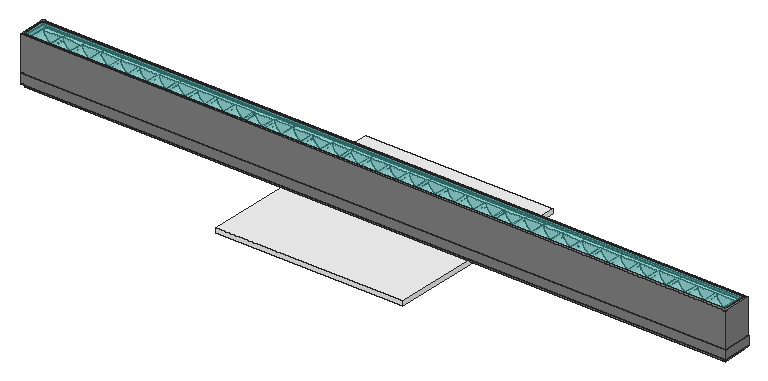
Revit family "BE_24317_de_DE", category Leuchten, Revit 2015
Parameters (values of type "BEGA_24317_Grafit_K4")
  built-in parameter 1150104 = 16.602 (stored number, unit not read)
  Wattage = 48 W
  Default Elevation = 0 mm
  built-in parameter 1150113 = 1 (stored number, unit not read)
  built-in parameter 1114218 = 1 (stored number, unit not read)
  Umgebungstemperatur = "25 °C"
  URL = "http://www.bega.de/produkt/24317"
  Typenkommentare = "© 2017 BEGA. Wir behalten uns das Recht vor, technische Änderungen ohne vorherige Ankündigung vorzunehmen."  # constant formula
  Type Image = 24317.png
  built-in parameter 1150134 = 12
  built-in parameter 1150109 = 1 (stored number, unit not read)
  Strom = ""
  built-in parameter 1150110 = 1 (stored number, unit not read)
  Spannung = 239.996 V
  Sonderanfertigung = no
  Seriennummer [instance] = "Hier können Sie die eindeutige Seriennummer für das Facility Management eintragen."
  Schutzklasse = "I"
  Schutzart = "IP 65"
  Scheinlast = 0 VA
  Produktdatenblatt = "http://www.bega.de/download/Xrfa/db/24317.db.de.pdf"
  Oberflächentemperatur = ""
  Neigungswinkel = 0.00°
  Modell = "24317K4"
  Material_17 = BEGA_Reflektor
  Material_15 = BEGA_Leuchtmedium_matt
  Material_11 = BEGA_Glas_opal
  Material_09 = BEGA_Glas_klar
  Material_06 = BEGA_Oberfläche_Edelstahl_gebürstet
  Material_05 = BEGA_Oberfläche_Aluminium Guss
  Material_03 = BEGA_Oberfläche_Weiss_matt
  Material_02 = BEGA_Oberfläche_Silber_matt
  Material_01 [instance] = BEGA_Oberfläche_Grafit_matt
  M_W = no
  M_G = yes
  M_A = no
  Logo = 0
  built-in parameter 1114217 = 1 (stored number, unit not read)
  built-in parameter 1150139 = (empty or 0)
  built-in parameter 1150105 = 682.58 (stored number, unit not read)
  built-in parameter 1150114 = 1 (stored number, unit not read)
  Lumens = 8577.6 lm
  built-in parameter 1150115 = 1 (stored number, unit not read)
  Leuchtenlichtstrom = "6253 lm"
  Leuchtenanzahl = ""
  Lebensdauerkriterien = "L70B50 @ 25 °C = 338000 h"
  Lastklassifizierung = Beleuchtung
  built-in parameter 1150112 = 1 (stored number, unit not read)
  Lampenlichtstrom = "8580 lm"
  Lampe = "LED 48 W"
  LED_Modulbezeichnung = "LED-0771/840"
  built-in parameter 1150142 = (empty or 0)
  Hersteller = "BEGA"  # constant formula
  Halbstreuwinkel = ""
  Gewicht = ""
  Gebrauchslageneinschränkung [instance] = ""
  Frequenz = "0/50-60 Hz"
  Farbwiedergabeindex = "Ra > 80"
  Farbtemperaturverschiebung bei Dämpfen der Lampe = <Keine Auswahl>
  Farbtemperatur = "4000 K"
  Color Filter = 16777215
  built-in parameter 1150133 = 10 (stored number, unit not read)
  Energieeffizienzklasse = "LED A++ - A"
  built-in parameter 1150137 = (empty or 0)
  built-in parameter 1150132 = (empty or 0)
  ENEC = ""
  Dimmbar [instance] = "DALI"
  Datei für fotometrisches Netz = "BE_24317K4.IES"
  CE_Konformität = "ja"
  Bestellnummer = "24317K4"
  Beschreibung_Sonderanfertigung = "Hier können Sie Informationen zur Sonderanfertigung eintragen."
  Beschreibung = "Deckenaufbau-Tiefstrahler"
  built-in parameter 1150106 = 6.8258 (stored number, unit not read)
  Befestigungsbohrung = "Ø 7 mm"
  Befestigungsabstand = "1100 mm"
  Ballwurfsicher = ""
  BEGA_Intern_aus = yes
  BEGA_Intern_an = yes
  BEGA_Intern_Konstruktion = yes
  BEGA_Intern = yes
  BEGA_IES = yes
  BEGA_Dummy = no
  Anschlussleitung = ""
  Anschlussleistung [instance] = "55 W"
  Anschlusskasten = ""
  built-in parameter 1150107 = 4000 (stored number, unit not read)
  built-in parameter 1150102 = (empty or 0)
  built-in parameter 1150138 = (empty or 0)
  Aktualisierung = "2017-06-26T04:08:37"
  Abstand_zur_angestrahlten_Fläche [instance] = ""
  AC/DC = "AC/DC"
Types (2, lengths in mm): name | built-in parameter 1150104 | built-in parameter 1150134 | Modell | built-in parameter 1150105 | Lumens | Leuchtenlichtstrom | Lampenlichtstrom | LED_Modulbezeichnung | Farbtemperatur | Datei für fotometrisches Netz | Bestellnummer | built-in parameter 1150106 | built-in parameter 1150107
  BEGA_24317_Grafit_K4 | 16.602 (stored number, unit not read) | 12 | "24317K4" | 682.58 (stored number, unit not read) | 8577.6 lm | "6253 lm" | "8580 lm" | "LED-0771/840" | "4000 K" | "BE_24317K4.IES" | "24317K4" | 6.8258 (stored number, unit not read) | 4000 (stored number, unit not read)
  BEGA_24317_Grafit_K3 | 16.202 (stored number, unit not read) | (empty or 0) | "24317" | 666.16 (stored number, unit not read) | 8371.2 lm | "6100 lm" | "8370 lm" | "LED-0771/830" | "3000 K" | "BE_24317.IES" | "24317" | 6.6616 (stored number, unit not read) | 3000 (stored number, unit not read)
Reference planes
  plane 1 "Mitte (Vorne/Hinten)": y = 0
  plane 2: z = 0
  plane 3 "Mitte (Links/Rechts)": x = 0
  plane 4 "Links": x = -752
  plane 5 "Rechts": x = 752
  plane 6 "Unten": y = -30
  plane 7 "Oben": y = 30
  plane 8 "Vorne": z = 101
  plane 9 "Hinten": z = 0
Forms (mm)
  Extrusion 1, solid, material "BEGA_Platte_Weiss"
    sketch origin (0, -1119.2, 0) x (1, 0, 0) y (0, 1, 0)
      loop
        line (-200, 1319.2) -> (-200, 919.2) -> (200, 919.2) -> (200, 1319.2) -> (-200, 1319.2)
    from 0 to -10
  Extrusion 2, solid, material "BEGA_Dummy_matt", visible <- "BEGA_Dummy"
    sketch origin (80.095, -76.023, 0) x (1, 0, 0) y (0, 1, 0)
      loop
        line (-832.095, 106.023) -> (-832.095, 46.023) -> (671.905, 46.023) -> (671.905, 106.023) -> (-832.095, 106.023)
    from 0 to 101
Dimensions and locks
  plane 1 "Mitte (Vorne/Hinten)" to Extrusion 1 = 200 mm
  aligned and locked: plane 2 to Extrusion 1
  aligned and locked: level to Extrusion 1
Nested families
  nested 1: "BE_24317" at (0, 0, 0), type "BE_24317"
Connectors
  electrical at (0, 0, 0), driven by "Lastklassifizierung", driven by "Spannung", driven by "Scheinlast"
    settings: index 1, voltage 239.996 V, apparent load 0 VA, apparent load phase1 0 VA, apparent load phase2 0 VA, apparent load phase3 0 VA, power factor 1, load classification "Beleuchtung", number of poles 1, system type 31, power factor state 1, is connector primary yes, connector utility no, sub classification motor no, connector description ""
Definition of nested family "BE_24317"
  Parameters (values of type "BE_24317")
    Default Elevation = 1 mm
    URL = "http://www.bega.de/de/produkt"
    Type Comments = "© 2015 BEGA. Wir behalten uns das Recht vor, technische Änderungen ohne vorherige Ankündigung vorzunehmen. "  # constant formula
    Type Image = (empty or 0)
    Neigungswinkel_um_Z2 = 0.00°
    Neigungswinkel_um_Z1 = 0.00°
    Neigungswinkel_um_Y2 = 0.00°
    Neigungswinkel_um_Y1 = 0.00°
    Neigungswinkel_um_X2 = 0.00°
    Neigungswinkel_um_X1 = 0.00°
    Material_17 = none
    Material_15 = none
    Material_11 = none
    Material_09 = none
    Material_06 = none
    Material_05 = none
    Material_03 = none
    Material_02 = none
    Material_01 = none
    M_W = yes
    M_G = yes
    M_A = yes
    Länge_Platte = 1700 mm  # constant formula
    Höhe_Platte = -10 mm  # constant formula
    Manufacturer = "BEGA"  # constant formula
    Drehwinkel_um_Z2 = 0.00°
    Drehwinkel_um_Z1 = 0.00°
    Breite_Platte = 200 mm  # constant formula
  Reference planes
    plane 1 "Mitte (Oben/Unten)": y = 0
    plane 2: z = 0
    plane 3 "Mitte (Links/Rechts)": x = 0
    plane 4: z = 101
    plane 5: y = 30
    plane 6: y = -30
    plane 7: x = -752
    plane 8: x = 752
  Forms (mm)
    Extrusion 1, solid, detail levels medium
      sketch origin (0, 0, 0) x (1, 0, 0) y (0, 1, 0)
        loop
          line (-850, 100) -> (-850, -100) -> (850, -100) -> (850, 100) -> (-850, 100)
      from 0 to -10 <- "Höhe_Platte"
    Extrusion 2, solid, material <- "Material_17", detail levels medium+fine
      sketch origin (0, 0, 0) x (1, 0, 0) y (0, 0, 1)
        loop
          line (-219.896, 71.065) -> (-217.905, 71.065)
          arc (-217.905, 71.065) -> (-209.513, 79.101) -> (-205.033, 89.821) r 28.453
          arc (-205.033, 89.821) -> (-200.531, 79.07) -> (-192.095, 71.026) r 28.448
          line (-192.095, 71.026) -> (-190.104, 71.026)
          arc (-190.104, 71.026) -> (-200.884, 81.497) -> (-204.535, 96.076) r 27.451
          line (-204.535, 96.076) -> (-205.537, 96.076)
          arc (-205.537, 96.076) -> (-209.167, 81.533) -> (-219.896, 71.065) r 27.451
        loop
          arc (-231.11, 71.026) -> (-241.883, 81.493) -> (-245.534, 96.064) r 27.449
          line (-245.534, 96.064) -> (-246.421, 96.064)
          arc (-246.421, 96.064) -> (-250.067, 81.523) -> (-260.809, 71.066) r 27.448
          line (-260.809, 71.066) -> (-258.842, 71.066)
          arc (-258.842, 71.066) -> (-250.41, 79.217) -> (-245.979, 90.076) r 28.466
          arc (-245.979, 90.076) -> (-241.539, 79.189) -> (-233.077, 71.026) r 28.467
          line (-233.077, 71.026) -> (-231.11, 71.026)
        loop
          arc (245.487, 96.076) -> (241.847, 81.515) -> (231.092, 71.045) r 27.451
          line (231.092, 71.045) -> (233.084, 71.045)
          arc (233.084, 71.045) -> (241.527, 79.128) -> (246.008, 89.923) r 28.451
          arc (246.008, 89.923) -> (250.453, 79.153) -> (258.842, 71.066) r 28.466
          line (258.842, 71.066) -> (260.809, 71.066)
          arc (260.809, 71.066) -> (250.064, 81.528) -> (246.421, 96.076) r 27.448
          line (246.421, 96.076) -> (245.487, 96.076)
        loop
          arc (-176.905, 71.026) -> (-168.516, 79.04) -> (-164.018, 89.734) r 28.485
          arc (-164.018, 89.734) -> (-159.507, 79.033) -> (-151.095, 71.026) r 28.447
          line (-151.095, 71.026) -> (-149.107, 71.026)
          arc (-149.107, 71.026) -> (-159.887, 81.497) -> (-163.538, 96.076) r 27.451
          line (-163.538, 96.076) -> (-164.537, 96.076)
          arc (-164.537, 96.076) -> (-168.157, 81.51) -> (-178.896, 71.026) r 27.452
          line (-178.896, 71.026) -> (-176.905, 71.026)
        loop
          arc (-108.107, 71.026) -> (-118.887, 81.497) -> (-122.538, 96.076) r 27.451
          line (-122.538, 96.076) -> (-123.54, 96.076)
          arc (-123.54, 96.076) -> (-127.17, 81.533) -> (-137.899, 71.065) r 27.451
          line (-137.899, 71.065) -> (-135.908, 71.065)
          arc (-135.908, 71.065) -> (-127.516, 79.101) -> (-123.036, 89.821) r 28.453
          arc (-123.036, 89.821) -> (-118.534, 79.07) -> (-110.098, 71.026) r 28.448
          line (-110.098, 71.026) -> (-108.107, 71.026)
        loop
          line (-96.899, 71.065) -> (-94.908, 71.065)
          arc (-94.908, 71.065) -> (-86.517, 79.099) -> (-82.037, 89.818) r 28.453
          arc (-82.037, 89.818) -> (-77.535, 79.068) -> (-69.1, 71.026) r 28.448
          line (-69.1, 71.026) -> (-67.108, 71.026)
          arc (-67.108, 71.026) -> (-77.889, 81.497) -> (-81.539, 96.076) r 27.451
          line (-81.539, 96.076) -> (-82.54, 96.076)
          arc (-82.54, 96.076) -> (-86.17, 81.533) -> (-96.899, 71.065) r 27.451
        loop
          arc (55.889, 71.045) -> (45.134, 81.515) -> (41.494, 96.076) r 27.451
          line (41.494, 96.076) -> (40.492, 96.076)
          arc (40.492, 96.076) -> (36.851, 81.515) -> (26.097, 71.045) r 27.451
          line (26.097, 71.045) -> (28.088, 71.045)
          arc (28.088, 71.045) -> (36.502, 79.085) -> (40.993, 89.821) r 28.451
          arc (40.993, 89.821) -> (45.484, 79.085) -> (53.898, 71.045) r 28.451
          line (53.898, 71.045) -> (55.889, 71.045)
        loop
          line (67.097, 71.045) -> (69.088, 71.045)
          arc (69.088, 71.045) -> (77.501, 79.084) -> (81.992, 89.818) r 28.451
          arc (81.992, 89.818) -> (86.483, 79.084) -> (94.896, 71.045) r 28.451
          line (94.896, 71.045) -> (96.887, 71.045)
          arc (96.887, 71.045) -> (86.133, 81.515) -> (82.492, 96.076) r 27.451
          line (82.492, 96.076) -> (81.492, 96.076)
          arc (81.492, 96.076) -> (77.851, 81.515) -> (67.097, 71.045) r 27.451
        loop
          arc (14.886, 71.045) -> (4.133, 81.515) -> (0.494, 96.076) r 27.451
          line (0.494, 96.076) -> (-0.505, 96.076)
          arc (-0.505, 96.076) -> (-4.146, 81.506) -> (-14.9, 71.024) r 27.487
          line (-14.9, 71.024) -> (-12.912, 71.024)
          arc (-12.912, 71.024) -> (-4.497, 79.072) -> (-0.005, 89.816) r 28.486
          arc (-0.005, 89.816) -> (4.486, 79.083) -> (12.898, 71.045) r 28.449
          line (12.898, 71.045) -> (14.886, 71.045)
        loop
          line (-55.9, 71.065) -> (-53.909, 71.065)
          arc (-53.909, 71.065) -> (-45.519, 79.099) -> (-41.039, 89.816) r 28.453
          arc (-41.039, 89.816) -> (-36.536, 79.057) -> (-28.1, 71.004) r 28.485
          line (-28.1, 71.004) -> (-26.108, 71.004)
          arc (-26.108, 71.004) -> (-36.889, 81.488) -> (-40.539, 96.076) r 27.487
          line (-40.539, 96.076) -> (-41.541, 96.076)
          arc (-41.541, 96.076) -> (-45.172, 81.533) -> (-55.9, 71.065) r 27.451
        loop
          line (108.095, 71.045) -> (110.087, 71.045)
          arc (110.087, 71.045) -> (118.5, 79.085) -> (122.991, 89.821) r 28.451
          arc (122.991, 89.821) -> (127.482, 79.085) -> (135.896, 71.045) r 28.451
          line (135.896, 71.045) -> (137.887, 71.045)
          arc (137.887, 71.045) -> (127.133, 81.515) -> (123.492, 96.076) r 27.451
          line (123.492, 96.076) -> (122.49, 96.076)
          arc (122.49, 96.076) -> (118.85, 81.515) -> (108.095, 71.045) r 27.451
        loop
          line (149.098, 71.045) -> (151.086, 71.045)
          arc (151.086, 71.045) -> (159.5, 79.085) -> (163.99, 89.821) r 28.449
          arc (163.99, 89.821) -> (168.481, 79.085) -> (176.896, 71.045) r 28.449
          line (176.896, 71.045) -> (178.884, 71.045)
          arc (178.884, 71.045) -> (168.13, 81.515) -> (164.489, 96.076) r 27.451
          line (164.489, 96.076) -> (163.49, 96.076)
          arc (163.49, 96.076) -> (159.851, 81.515) -> (149.098, 71.045) r 27.451
        loop
          arc (219.884, 71.045) -> (209.13, 81.515) -> (205.489, 96.076) r 27.451
          line (205.489, 96.076) -> (204.487, 96.076)
          arc (204.487, 96.076) -> (200.847, 81.515) -> (190.092, 71.045) r 27.451
          line (190.092, 71.045) -> (192.084, 71.045)
          arc (192.084, 71.045) -> (200.498, 79.085) -> (204.988, 89.821) r 28.451
          arc (204.988, 89.821) -> (209.479, 79.085) -> (217.893, 71.045) r 28.451
          line (217.893, 71.045) -> (219.884, 71.045)
        loop
          arc (-272.023, 71.066) -> (-282.772, 81.527) -> (-286.418, 96.076) r 27.45
          line (-286.418, 96.076) -> (-287.42, 96.076)
          arc (-287.42, 96.076) -> (-291.06, 81.515) -> (-301.815, 71.045) r 27.451
          line (-301.815, 71.045) -> (-299.824, 71.045)
          arc (-299.824, 71.045) -> (-291.406, 79.09) -> (-286.917, 89.833) r 28.451
          arc (-286.917, 89.833) -> (-282.425, 79.102) -> (-274.014, 71.066) r 28.45
          line (-274.014, 71.066) -> (-272.023, 71.066)
        loop
          line (-315.014, 71.045) -> (-313.023, 71.045)
          arc (-313.023, 71.045) -> (-323.778, 81.515) -> (-327.418, 96.076) r 27.451
          line (-327.418, 96.076) -> (-328.417, 96.076)
          arc (-328.417, 96.076) -> (-332.058, 81.515) -> (-342.812, 71.045) r 27.451
          line (-342.812, 71.045) -> (-340.824, 71.045)
          arc (-340.824, 71.045) -> (-332.409, 79.085) -> (-327.918, 89.821) r 28.449
          arc (-327.918, 89.821) -> (-323.427, 79.085) -> (-315.014, 71.045) r 28.449
        loop
          line (-383.812, 71.045) -> (-381.821, 71.045)
          arc (-381.821, 71.045) -> (-373.407, 79.085) -> (-368.916, 89.821) r 28.451
          arc (-368.916, 89.821) -> (-364.425, 79.085) -> (-356.011, 71.045) r 28.451
          line (-356.011, 71.045) -> (-354.02, 71.045)
          arc (-354.02, 71.045) -> (-364.775, 81.515) -> (-368.415, 96.076) r 27.451
          line (-368.415, 96.076) -> (-369.417, 96.076)
          arc (-369.417, 96.076) -> (-373.058, 81.515) -> (-383.812, 71.045) r 27.451
        loop
          arc (-395.02, 71.045) -> (-405.775, 81.515) -> (-409.415, 96.076) r 27.451
          line (-409.415, 96.076) -> (-410.416, 96.076)
          arc (-410.416, 96.076) -> (-414.056, 81.515) -> (-424.811, 71.045) r 27.451
          line (-424.811, 71.045) -> (-422.819, 71.045)
          arc (-422.819, 71.045) -> (-414.407, 79.084) -> (-409.915, 89.818) r 28.451
          arc (-409.915, 89.818) -> (-405.424, 79.084) -> (-397.011, 71.045) r 28.451
          line (-397.011, 71.045) -> (-395.02, 71.045)
        loop
          arc (-436.019, 71.045) -> (-446.773, 81.515) -> (-450.414, 96.076) r 27.451
          line (-450.414, 96.076) -> (-451.416, 96.076)
          arc (-451.416, 96.076) -> (-455.056, 81.515) -> (-465.811, 71.045) r 27.451
          line (-465.811, 71.045) -> (-463.819, 71.045)
          arc (-463.819, 71.045) -> (-455.406, 79.085) -> (-450.915, 89.821) r 28.451
          arc (-450.915, 89.821) -> (-446.424, 79.085) -> (-438.01, 71.045) r 28.451
          line (-438.01, 71.045) -> (-436.019, 71.045)
        loop
          arc (-477.019, 71.045) -> (-487.773, 81.515) -> (-491.414, 96.076) r 27.451
          line (-491.414, 96.076) -> (-492.413, 96.076)
          arc (-492.413, 96.076) -> (-496.056, 81.528) -> (-506.801, 71.066) r 27.448
          line (-506.801, 71.066) -> (-504.833, 71.066)
          arc (-504.833, 71.066) -> (-496.393, 79.229) -> (-491.966, 90.104) r 28.466
          arc (-491.966, 90.104) -> (-487.503, 79.203) -> (-479.007, 71.045) r 28.449
          line (-479.007, 71.045) -> (-477.019, 71.045)
        loop
          line (272.023, 71.066) -> (274.014, 71.066)
          arc (274.014, 71.066) -> (282.425, 79.102) -> (286.917, 89.833) r 28.45
          arc (286.917, 89.833) -> (291.406, 79.09) -> (299.824, 71.045) r 28.451
          line (299.824, 71.045) -> (301.815, 71.045)
          arc (301.815, 71.045) -> (291.06, 81.515) -> (287.42, 96.076) r 27.451
          line (287.42, 96.076) -> (286.418, 96.076)
          arc (286.418, 96.076) -> (282.772, 81.527) -> (272.023, 71.066) r 27.45
        loop
          arc (315.014, 71.045) -> (323.427, 79.085) -> (327.918, 89.821) r 28.449
          arc (327.918, 89.821) -> (332.409, 79.085) -> (340.824, 71.045) r 28.449
          line (340.824, 71.045) -> (342.812, 71.045)
          arc (342.812, 71.045) -> (332.058, 81.515) -> (328.417, 96.076) r 27.451
          line (328.417, 96.076) -> (327.418, 96.076)
          arc (327.418, 96.076) -> (323.778, 81.515) -> (313.023, 71.045) r 27.451
          line (313.023, 71.045) -> (315.014, 71.045)
        loop
          arc (383.812, 71.045) -> (373.058, 81.515) -> (369.417, 96.076) r 27.451
          line (369.417, 96.076) -> (368.415, 96.076)
          arc (368.415, 96.076) -> (364.775, 81.515) -> (354.02, 71.045) r 27.451
          line (354.02, 71.045) -> (356.011, 71.045)
          arc (356.011, 71.045) -> (364.425, 79.085) -> (368.916, 89.821) r 28.451
          arc (368.916, 89.821) -> (373.407, 79.085) -> (381.821, 71.045) r 28.451
          line (381.821, 71.045) -> (383.812, 71.045)
        loop
          line (395.02, 71.045) -> (397.011, 71.045)
          arc (397.011, 71.045) -> (405.424, 79.084) -> (409.915, 89.818) r 28.451
          arc (409.915, 89.818) -> (414.407, 79.084) -> (422.819, 71.045) r 28.451
          line (422.819, 71.045) -> (424.811, 71.045)
          arc (424.811, 71.045) -> (414.056, 81.515) -> (410.416, 96.076) r 27.451
          line (410.416, 96.076) -> (409.415, 96.076)
          arc (409.415, 96.076) -> (405.775, 81.515) -> (395.02, 71.045) r 27.451
        loop
          line (436.019, 71.045) -> (438.01, 71.045)
          arc (438.01, 71.045) -> (446.424, 79.085) -> (450.915, 89.821) r 28.451
          arc (450.915, 89.821) -> (455.406, 79.085) -> (463.819, 71.045) r 28.451
          line (463.819, 71.045) -> (465.811, 71.045)
          arc (465.811, 71.045) -> (455.056, 81.515) -> (451.416, 96.076) r 27.451
          line (451.416, 96.076) -> (450.414, 96.076)
          arc (450.414, 96.076) -> (446.773, 81.515) -> (436.019, 71.045) r 27.451
        loop
          line (477.019, 71.045) -> (479.007, 71.045)
          arc (479.007, 71.045) -> (487.503, 79.203) -> (491.966, 90.103) r 28.449
          arc (491.966, 90.103) -> (496.394, 79.228) -> (504.833, 71.066) r 28.467
          line (504.833, 71.066) -> (506.801, 71.066)
          arc (506.801, 71.066) -> (496.056, 81.528) -> (492.413, 96.076) r 27.449
          line (492.413, 96.076) -> (491.414, 96.076)
          arc (491.414, 96.076) -> (487.773, 81.515) -> (477.019, 71.045) r 27.451
        loop
          arc (-518.015, 71.066) -> (-528.764, 81.527) -> (-532.41, 96.076) r 27.45
          line (-532.41, 96.076) -> (-533.412, 96.076)
          arc (-533.412, 96.076) -> (-537.052, 81.515) -> (-547.807, 71.045) r 27.451
          line (-547.807, 71.045) -> (-545.816, 71.045)
          arc (-545.816, 71.045) -> (-537.398, 79.09) -> (-532.908, 89.833) r 28.451
          arc (-532.908, 89.833) -> (-528.417, 79.102) -> (-520.006, 71.066) r 28.45
          line (-520.006, 71.066) -> (-518.015, 71.066)
        loop
          line (-561.006, 71.045) -> (-559.015, 71.045)
          arc (-559.015, 71.045) -> (-569.769, 81.515) -> (-573.41, 96.076) r 27.451
          line (-573.41, 96.076) -> (-574.409, 96.076)
          arc (-574.409, 96.076) -> (-578.049, 81.515) -> (-588.804, 71.045) r 27.451
          line (-588.804, 71.045) -> (-586.815, 71.045)
          arc (-586.815, 71.045) -> (-578.401, 79.085) -> (-573.909, 89.821) r 28.449
          arc (-573.909, 89.821) -> (-569.419, 79.085) -> (-561.006, 71.045) r 28.449
        loop
          line (-629.804, 71.045) -> (-627.813, 71.045)
          arc (-627.813, 71.045) -> (-619.399, 79.085) -> (-614.908, 89.821) r 28.451
          arc (-614.908, 89.821) -> (-610.417, 79.085) -> (-602.003, 71.045) r 28.451
          line (-602.003, 71.045) -> (-600.012, 71.045)
          arc (-600.012, 71.045) -> (-610.766, 81.515) -> (-614.407, 96.076) r 27.451
          line (-614.407, 96.076) -> (-615.409, 96.076)
          arc (-615.409, 96.076) -> (-619.049, 81.515) -> (-629.804, 71.045) r 27.451
        loop
          arc (-641.012, 71.045) -> (-651.766, 81.515) -> (-655.407, 96.076) r 27.451
          line (-655.407, 96.076) -> (-656.407, 96.076)
          arc (-656.407, 96.076) -> (-660.048, 81.515) -> (-670.802, 71.045) r 27.451
          line (-670.802, 71.045) -> (-668.811, 71.045)
          arc (-668.811, 71.045) -> (-660.398, 79.084) -> (-655.907, 89.818) r 28.451
          arc (-655.907, 89.818) -> (-651.416, 79.084) -> (-643.003, 71.045) r 28.451
          line (-643.003, 71.045) -> (-641.012, 71.045)
        loop
          arc (-682.01, 71.045) -> (-692.765, 81.515) -> (-696.405, 96.076) r 27.451
          line (-696.405, 96.076) -> (-697.407, 96.076)
          arc (-697.407, 96.076) -> (-701.048, 81.515) -> (-711.802, 71.045) r 27.451
          line (-711.802, 71.045) -> (-709.811, 71.045)
          arc (-709.811, 71.045) -> (-701.397, 79.085) -> (-696.906, 89.821) r 28.451
          arc (-696.906, 89.821) -> (-692.416, 79.085) -> (-684.002, 71.045) r 28.451
          line (-684.002, 71.045) -> (-682.01, 71.045)
        loop
          arc (-723.01, 71.045) -> (-733.765, 81.515) -> (-737.405, 96.076) r 27.451
          line (-737.405, 96.076) -> (-738.405, 96.076)
          arc (-738.405, 96.076) -> (-735.048, 81.768) -> (-724.999, 71.045) r 28.449
          line (-724.999, 71.045) -> (-723.01, 71.045)
        loop
          line (518.015, 71.066) -> (520.006, 71.066)
          arc (520.006, 71.066) -> (528.417, 79.102) -> (532.909, 89.833) r 28.45
          arc (532.909, 89.833) -> (537.398, 79.09) -> (545.816, 71.045) r 28.451
          line (545.816, 71.045) -> (547.807, 71.045)
          arc (547.807, 71.045) -> (537.052, 81.515) -> (533.412, 96.076) r 27.451
          line (533.412, 96.076) -> (532.41, 96.076)
          arc (532.41, 96.076) -> (528.764, 81.527) -> (518.015, 71.066) r 27.45
        loop
          arc (561.006, 71.045) -> (569.419, 79.085) -> (573.909, 89.821) r 28.449
          arc (573.909, 89.821) -> (578.401, 79.085) -> (586.815, 71.045) r 28.449
          line (586.815, 71.045) -> (588.804, 71.045)
          arc (588.804, 71.045) -> (578.049, 81.515) -> (574.409, 96.076) r 27.451
          line (574.409, 96.076) -> (573.41, 96.076)
          arc (573.41, 96.076) -> (569.769, 81.515) -> (559.015, 71.045) r 27.451
          line (559.015, 71.045) -> (561.006, 71.045)
        loop
          arc (629.804, 71.045) -> (619.049, 81.515) -> (615.409, 96.076) r 27.451
          line (615.409, 96.076) -> (614.407, 96.076)
          arc (614.407, 96.076) -> (610.766, 81.515) -> (600.012, 71.045) r 27.451
          line (600.012, 71.045) -> (602.003, 71.045)
          arc (602.003, 71.045) -> (610.417, 79.085) -> (614.908, 89.821) r 28.451
          arc (614.908, 89.821) -> (619.399, 79.085) -> (627.813, 71.045) r 28.451
          line (627.813, 71.045) -> (629.804, 71.045)
        loop
          line (641.012, 71.045) -> (643.003, 71.045)
          arc (643.003, 71.045) -> (651.416, 79.084) -> (655.907, 89.818) r 28.451
          arc (655.907, 89.818) -> (660.398, 79.084) -> (668.811, 71.045) r 28.451
          line (668.811, 71.045) -> (670.802, 71.045)
          arc (670.802, 71.045) -> (660.048, 81.515) -> (656.407, 96.076) r 27.451
          line (656.407, 96.076) -> (655.407, 96.076)
          arc (655.407, 96.076) -> (651.766, 81.515) -> (641.012, 71.045) r 27.451
        loop
          line (682.01, 71.045) -> (684.002, 71.045)
          arc (684.002, 71.045) -> (692.416, 79.085) -> (696.906, 89.821) r 28.451
          arc (696.906, 89.821) -> (701.397, 79.085) -> (709.811, 71.045) r 28.451
          line (709.811, 71.045) -> (711.802, 71.045)
          arc (711.802, 71.045) -> (701.048, 81.515) -> (697.407, 96.076) r 27.451
          line (697.407, 96.076) -> (696.405, 96.076)
          arc (696.405, 96.076) -> (692.765, 81.515) -> (682.01, 71.045) r 27.451
        loop
          line (723.01, 71.045) -> (724.999, 71.045)
          arc (724.999, 71.045) -> (735.048, 81.768) -> (738.405, 96.076) r 28.449
          line (738.405, 96.076) -> (737.405, 96.076)
          arc (737.405, 96.076) -> (733.765, 81.515) -> (723.01, 71.045) r 27.451
      from -21 to 21
    Sweep 3, solid, material <- "Material_01", detail levels medium+fine
      path origin (0, 0, 0) x (1, 0, 0) y (0, 1, 0)
        loop
          line (-752, 30) -> (-752, -30) -> (752, -30) -> (752, 30) -> (-752, 30)
      profile origin (0, 30, 0) x (0, 1, 0) y (0, 0, 1)
        loop
          line (-0.5, 101) -> (-3.044, 101) -> (-4.682, 96.5) -> (-8.994, 96.5) -> (-8.994, 94) -> (-2.8, 94) -> (-2.8, 26) -> (-0.5, 26)
          arc (-0.5, 26) -> (-0.146, 26.146) -> (0, 26.5) r 0.5
          line (0, 26.5) -> (0, 100.5)
          arc (0, 100.5) -> (-0.146, 100.854) -> (-0.5, 101) r 0.5
    Extrusion 4, solid, material <- "Material_01", detail levels medium+fine
      sketch origin (0, 0, 0) x (1, 0, 0) y (0, 0, 1)
        loop
          line (-738.405, 94) -> (-738.405, 96.5) -> (-745.226, 96.5) -> (-745.226, 94) -> (-738.405, 94)
        loop
          line (738.405, 94) -> (745.226, 94) -> (745.226, 96.5) -> (738.405, 96.5) -> (738.405, 94)
      from -22.05 to 22.05
    Extrusion 5, solid, material <- "Material_09", detail levels medium+fine
      sketch origin (0, 0, 0) x (0, 1, 0) y (0, 0, 1)
        loop
          line (25, 96.7) -> (25, 100.7) -> (-25, 100.7) -> (-25, 96.7) -> (25, 96.7)
      from -747.318 to 747.318
    Extrusion 6, solid, material <- "Material_15", detail levels medium+fine
      sketch origin (0, 13.25, 0) x (1, 0, 0) y (0, 1, 0)
        loop
          line (-228.7, 3.2) -> (-228.7, -3.2) -> (-222.3, -3.2) -> (-222.3, 3.2) -> (-228.7, 3.2)
        loop
          line (-187.7, 3.2) -> (-187.7, -3.2) -> (-181.3, -3.2) -> (-181.3, 3.2) -> (-187.7, 3.2)
        loop
          line (-146.703, 3.2) -> (-146.703, -3.2) -> (-140.303, -3.2) -> (-140.303, 3.2) -> (-146.703, 3.2)
        loop
          line (-105.703, 3.2) -> (-105.703, -3.2) -> (-99.303, -3.2) -> (-99.303, 3.2) -> (-105.703, 3.2)
        loop
          line (-64.704, 3.2) -> (-64.704, -3.2) -> (-58.304, -3.2) -> (-58.304, 3.2) -> (-64.704, 3.2)
        loop
          line (-23.704, 3.2) -> (-23.704, -3.2) -> (-17.304, -3.2) -> (-17.304, 3.2) -> (-23.704, 3.2)
        loop
          line (17.293, 3.2) -> (17.293, -3.2) -> (23.693, -3.2) -> (23.693, 3.2) -> (17.293, 3.2)
        loop
          line (58.293, 3.2) -> (58.293, -3.2) -> (64.693, -3.2) -> (64.693, 3.2) -> (58.293, 3.2)
        loop
          line (99.291, 3.2) -> (99.291, -3.2) -> (105.691, -3.2) -> (105.691, 3.2) -> (99.291, 3.2)
        loop
          line (140.291, 3.2) -> (140.291, -3.2) -> (146.691, -3.2) -> (146.691, 3.2) -> (140.291, 3.2)
        loop
          line (181.288, 3.2) -> (181.288, -3.2) -> (187.688, -3.2) -> (187.688, 3.2) -> (181.288, 3.2)
        loop
          line (222.288, 3.2) -> (222.288, -3.2) -> (228.688, -3.2) -> (228.688, 3.2) -> (222.288, 3.2)
        loop
          line (-269.7, 3.2) -> (-269.7, -3.2) -> (-263.3, -3.2) -> (-263.3, 3.2) -> (-269.7, 3.2)
        loop
          line (-310.7, 3.2) -> (-310.7, -3.2) -> (-304.3, -3.2) -> (-304.3, 3.2) -> (-310.7, 3.2)
        loop
          line (-351.7, 3.2) -> (-351.7, -3.2) -> (-345.3, -3.2) -> (-345.3, 3.2) -> (-351.7, 3.2)
        loop
          line (-392.7, 3.2) -> (-392.7, -3.2) -> (-386.3, -3.2) -> (-386.3, 3.2) -> (-392.7, 3.2)
        loop
          line (-433.7, 3.2) -> (-433.7, -3.2) -> (-427.3, -3.2) -> (-427.3, 3.2) -> (-433.7, 3.2)
        loop
          line (-474.7, 3.2) -> (-474.7, -3.2) -> (-468.3, -3.2) -> (-468.3, 3.2) -> (-474.7, 3.2)
        loop
          line (269.7, 3.2) -> (263.3, 3.2) -> (263.3, -3.2) -> (269.7, -3.2) -> (269.7, 3.2)
        loop
          line (310.7, 3.2) -> (304.3, 3.2) -> (304.3, -3.2) -> (310.7, -3.2) -> (310.7, 3.2)
        loop
          line (351.7, 3.2) -> (345.3, 3.2) -> (345.3, -3.2) -> (351.7, -3.2) -> (351.7, 3.2)
        loop
          line (392.7, 3.2) -> (386.3, 3.2) -> (386.3, -3.2) -> (392.7, -3.2) -> (392.7, 3.2)
        loop
          line (433.7, 3.2) -> (427.3, 3.2) -> (427.3, -3.2) -> (433.7, -3.2) -> (433.7, 3.2)
        loop
          line (474.7, 3.2) -> (468.3, 3.2) -> (468.3, -3.2) -> (474.7, -3.2) -> (474.7, 3.2)
        loop
          line (-515.7, 3.2) -> (-515.7, -3.2) -> (-509.3, -3.2) -> (-509.3, 3.2) -> (-515.7, 3.2)
        loop
          line (-556.7, 3.2) -> (-556.7, -3.2) -> (-550.3, -3.2) -> (-550.3, 3.2) -> (-556.7, 3.2)
        loop
          line (-597.7, 3.2) -> (-597.7, -3.2) -> (-591.3, -3.2) -> (-591.3, 3.2) -> (-597.7, 3.2)
        loop
          line (-638.7, 3.2) -> (-638.7, -3.2) -> (-632.3, -3.2) -> (-632.3, 3.2) -> (-638.7, 3.2)
        loop
          line (-679.7, 3.2) -> (-679.7, -3.2) -> (-673.3, -3.2) -> (-673.3, 3.2) -> (-679.7, 3.2)
        loop
          line (-720.7, 3.2) -> (-720.7, -3.2) -> (-714.3, -3.2) -> (-714.3, 3.2) -> (-720.7, 3.2)
        loop
          line (515.7, 3.2) -> (509.3, 3.2) -> (509.3, -3.2) -> (515.7, -3.2) -> (515.7, 3.2)
        loop
          line (556.7, 3.2) -> (550.3, 3.2) -> (550.3, -3.2) -> (556.7, -3.2) -> (556.7, 3.2)
        loop
          line (597.7, 3.2) -> (591.3, 3.2) -> (591.3, -3.2) -> (597.7, -3.2) -> (597.7, 3.2)
        loop
          line (638.7, 3.2) -> (632.3, 3.2) -> (632.3, -3.2) -> (638.7, -3.2) -> (638.7, 3.2)
        loop
          line (679.7, 3.2) -> (673.3, 3.2) -> (673.3, -3.2) -> (679.7, -3.2) -> (679.7, 3.2)
        loop
          line (720.7, 3.2) -> (714.3, 3.2) -> (714.3, -3.2) -> (720.7, -3.2) -> (720.7, 3.2)
      from 70 to 69.119
    Sweep 7, solid, material <- "Material_01", detail levels medium+fine
      path origin (0, 0, 0) x (1, 0, 0) y (0, 1, 0)
        loop
          line (752, 30) -> (-752, 30) -> (-752, -30) -> (752, -30) -> (752, 30)
      profile origin (0, 30, 0) x (0, -1, 0) y (0, 0, 1)
        loop
          arc (0, 6.5) -> (0.146, 6.146) -> (0.5, 6) r 0.5
          line (0.5, 6) -> (5, 6) -> (5, 0) -> (25, 0) -> (25, 10) -> (4, 10) -> (4, 26) -> (0, 26) -> (0, 6.5)
    Extrusion 8, solid, material <- "Material_01", detail levels medium+fine
      sketch origin (0, 0, 0) x (0, 1, 0) y (0, 0, 1)
        loop
          line (5, 10) -> (-5, 10) -> (-5, 0) -> (5, 0) -> (5, 10)
      from 730.188 to -727
    Extrusion 9, void
      sketch origin (0, 0, 0) x (1, 0, 0) y (0, 1, 0)
        loop
          arc (-80, 20) -> (-100, 0) -> (-80, -20) r 20
          line (-80, -20) -> (80, -20)
          arc (80, -20) -> (100, 0) -> (80, 20) r 20
          line (80, 20) -> (-80, 20)
        loop
          arc (545, 3.5) -> (541.5, 0) -> (545, -3.5) r 3.5
          line (545, -3.5) -> (555, -3.5)
          arc (555, -3.5) -> (558.5, 0) -> (555, 3.5) r 3.5
          line (555, 3.5) -> (545, 3.5)
        loop
          arc (-553.5, -5) -> (-550, -8.5) -> (-546.5, -5) r 3.5
          line (-546.5, -5) -> (-546.5, 5)
          arc (-546.5, 5) -> (-550, 8.5) -> (-553.5, 5) r 3.5
          line (-553.5, 5) -> (-553.5, -5)
      from 11.948 to -0.793
    Extrusion 10, solid, material <- "Material_17", detail levels medium+fine
      sketch origin (0, 0, 0) x (0, 1, 0) y (0, 0, 1)
        loop
          line (21, 96.045) -> (12.5, 96.045) -> (17.09, 71.045) -> (18.106, 71.045) -> (13.7, 95.045) -> (21, 95.045) -> (21, 96.045)
        loop
          line (-20, 96.045) -> (-21.259, 96.045)
          arc (-21.259, 96.045) -> (-8.634, 82.264) -> (6.314, 71.045) r 101.002
          line (6.314, 71.045) -> (8.25, 71.045)
          arc (8.25, 71.045) -> (-7.065, 82.201) -> (-20, 96.045) r 100.002
      from 738.85 to -738.85
    Revolve 11, solid, material <- "Material_06", detail levels fine
      sketch origin (450, 0, 0) x (0, 1, 0) y (0, 0, -1)
        loop
          line (30, -22.75) -> (32.2, -22.75) -> (32.2, -18.8) -> (30, -18.8) -> (30, -22.75)
        axis (30, -18.8) -> (32.2, -18.8)
      angle from 0 to 360
    Revolve 12, solid, material <- "Material_06", detail levels fine
      sketch origin (-450, 0, 0) x (0, 1, 0) y (0, 0, 1)
        loop
          line (30, 22.75) -> (30, 18.8) -> (32.2, 18.8) -> (32.2, 22.75) -> (30, 22.75)
        axis (30, 18.8) -> (32.2, 18.8)
      angle from 0 to 360
  Cuts and joins
    joined: Sweep 3, Extrusion 4
    Extrusion 9 cuts Sweep 7
    Extrusion 9 cuts Extrusion 8
    joined: Sweep 7, Extrusion 8
    joined: Extrusion 2, Extrusion 10
  Dimensions and locks
    equal spacing: Extrusion 1 sketch curve, plane 3 "Mitte (Links/Rechts)", Extrusion 1 sketch curve
    equal spacing: Extrusion 1 sketch curve, plane 1 "Mitte (Oben/Unten)", Extrusion 1 sketch curve
    "Länge_Platte": Extrusion 1 sketch curve to Extrusion 1 sketch curve
    "Breite_Platte": Extrusion 1 sketch curve to Extrusion 1 sketch curve
    aligned and locked: Extrusion 1 to plane 2
    aligned and locked: level to Extrusion 1
  Automatic sketch dimensions
    Sweep 3 sketch curve to plane 6 = 0 mm
    Sweep 3 sketch curve to plane 5 = 0 mm
    Sweep 3 sketch curve to profile plane = 0 mm
    profile plane to Sweep 3 sketch curve = 0.5 mm
    Sweep 3 sketch curve to Sweep 3 sketch curve = 0.5 mm
    Sweep 3 sketch curve to Sweep 3 sketch curve = 2.3 mm
    Sweep 3 sketch curve to Sweep 3 sketch curve = 2.544 mm
    Sweep 3 sketch curve to Sweep 3 sketch curve = 1.882 mm
    Sweep 3 sketch curve to Sweep 3 sketch curve = 4.312 mm
    level to Sweep 3 sketch curve = 26 mm
    Sweep 3 sketch curve to Sweep 3 sketch curve = 67.5 mm
    Sweep 3 sketch curve to Sweep 3 sketch curve = 2.5 mm
    Sweep 3 sketch curve to Sweep 3 sketch curve = 4 mm
    Extrusion 5 sketch curve to plane 6 = 5 mm
    Extrusion 5 sketch curve to plane 4 = 0.3 mm
    Extrusion 5 sketch curve to plane 5 = 5 mm
    Extrusion 5 sketch curve to Extrusion 5 sketch curve = 4 mm
    Sweep 7 sketch curve to plane 5 = 0 mm
    Sweep 7 sketch curve to plane 6 = 0 mm
    Sweep 7 sketch curve to profile plane = 0 mm
    Sweep 7 sketch curve to level = 0 mm
    Sweep 7 sketch curve to Sweep 7 sketch curve = 0.5 mm
    Sweep 7 sketch curve to Sweep 7 sketch curve = 4 mm  (x2)
    Sweep 7 sketch curve to Sweep 7 sketch curve = 1 mm
    Sweep 7 sketch curve to Sweep 7 sketch curve = 20 mm
    Sweep 7 sketch curve to Sweep 7 sketch curve = 6 mm
    Sweep 7 sketch curve to Sweep 7 sketch curve = 16 mm
    Extrusion 8 sketch curve to level = 0 mm
    plane 1 "Mitte (Oben/Unten)" to Extrusion 8 sketch curve = 5 mm
    Extrusion 8 sketch curve to plane 1 "Mitte (Oben/Unten)" = 5 mm
    Extrusion 8 sketch curve to Extrusion 8 sketch curve = 10 mm
    plane 1 "Mitte (Oben/Unten)" to Extrusion 9 sketch curve = 0 mm  (x2)
    plane 1 "Mitte (Oben/Unten)" to Extrusion 9 sketch curve = 5 mm
    Extrusion 9 sketch curve to Extrusion 9 sketch curve = 3.5 mm
    Extrusion 9 sketch curve to plane 6 = 10 mm
    Extrusion 9 sketch curve to plane 3 "Mitte (Links/Rechts)" = 80 mm
    plane 3 "Mitte (Links/Rechts)" to Extrusion 9 sketch curve = 80 mm
    plane 1 "Mitte (Oben/Unten)" to Extrusion 9 sketch curve = 3.5 mm
    Extrusion 9 sketch curve to Extrusion 9 sketch curve = 10 mm
    Extrusion 9 sketch curve to plane 1 "Mitte (Oben/Unten)" = 5 mm
    Extrusion 9 sketch curve to Extrusion 9 sketch curve = 0 mm
    Extrusion 10 sketch curve to Extrusion 10 sketch curve = 0 mm  (x3)
    Extrusion 10 sketch curve to plane 6 = 8.741 mm
    Extrusion 10 sketch curve to Extrusion 10 sketch curve = 1.259 mm
    Extrusion 10 sketch curve to plane 1 "Mitte (Oben/Unten)" = 6.314 mm
    Extrusion 10 sketch curve to Extrusion 10 sketch curve = 1.935 mm
    Extrusion 10 sketch curve to plane 4 = 4.955 mm  (x2)
    Extrusion 10 sketch curve to plane 1 "Mitte (Oben/Unten)" = 12.5 mm
    Extrusion 10 sketch curve to Extrusion 10 sketch curve = 1.2 mm
    Extrusion 10 sketch curve to Extrusion 10 sketch curve = 8.84 mm
    Extrusion 10 sketch curve to Extrusion 10 sketch curve = 1.017 mm
    Extrusion 10 sketch curve to Extrusion 10 sketch curve = 7.3 mm
    Extrusion 10 sketch curve to Extrusion 10 sketch curve = 1 mm
    Extrusion 10 sketch curve to Extrusion 10 sketch curve = 24 mm
    Revolve 11 sketch curve to plane 5 = 0 mm
    Revolve 11 sketch curve to Revolve 11 sketch curve = 2.2 mm
    level to Revolve 11 sketch curve = 22.75 mm
    Revolve 11 sketch curve to Revolve 11 sketch curve = 3.95 mm
    Revolve 11 sketch curve to plane 5 = 2 mm
    Revolve 11 sketch curve to Revolve 11 sketch curve = 2 mm
    Revolve 11 sketch curve to Revolve 11 sketch curve = 0 mm
    Revolve 12 sketch curve to plane 5 = 0 mm
    Revolve 12 sketch curve to Revolve 12 sketch curve = 2.2 mm
    level to Revolve 12 sketch curve = 18.8 mm
    Revolve 12 sketch curve to Revolve 12 sketch curve = 3.95 mm
    Revolve 12 sketch curve to plane 5 = 2 mm
    Revolve 12 sketch curve to Revolve 12 sketch curve = 2 mm
    Revolve 12 sketch curve to Revolve 12 sketch curve = 0 mm
    Extrusion 4 sketch curve to plane 4 = 7 mm  (x2)
    Extrusion 4 sketch curve to Extrusion 4 sketch curve = 6.821 mm  (x2)
    Extrusion 4 sketch curve to Extrusion 4 sketch curve = 2.5 mm  (x2)
    Extrusion 2 sketch curve to Extrusion 2 sketch curve = 0 mm  (x147)
    Extrusion 2 sketch curve to plane 4 = 4.924 mm  (x35)
    Extrusion 2 sketch curve to Extrusion 2 sketch curve = 0.999 mm  (x9)
    Extrusion 2 sketch curve to Extrusion 2 sketch curve = 12.407 mm
    Extrusion 2 sketch curve to plane 4 = 5.8 mm  (x57)
    Extrusion 2 sketch curve to Extrusion 2 sketch curve = 12.561 mm  (x61)
    Extrusion 2 sketch curve to Extrusion 2 sketch curve = 1.988 mm  (x13)
    Extrusion 2 sketch curve to Extrusion 2 sketch curve = 11.208 mm  (x29)
    Extrusion 2 sketch curve to Extrusion 2 sketch curve = 1.991 mm  (x54)
    Extrusion 2 sketch curve to Extrusion 2 sketch curve = 1.002 mm  (x18)
    Extrusion 2 sketch curve to Extrusion 2 sketch curve = 25.81 mm  (x22)
    Extrusion 2 sketch curve to Extrusion 2 sketch curve = 14.875 mm  (x32)
    Extrusion 2 sketch curve to Extrusion 2 sketch curve = 1 mm  (x6)
    Extrusion 2 sketch curve to Extrusion 2 sketch curve = 25.808 mm  (x6)
    Extrusion 2 sketch curve to plane 4 = 5.83 mm  (x2)
    Extrusion 2 sketch curve to Extrusion 2 sketch curve = 12.432 mm  (x5)
    Extrusion 2 sketch curve to Extrusion 2 sketch curve = 0.13 mm  (x5)
    Extrusion 2 sketch curve to Extrusion 2 sketch curve = 12.56 mm  (x5)
    Extrusion 2 sketch curve to Extrusion 2 sketch curve = 25.826 mm
    Extrusion 2 sketch curve to plane 4 = 5.802 mm  (x5)
    Extrusion 2 sketch curve to Extrusion 2 sketch curve = 11.214 mm  (x5)
    Extrusion 2 sketch curve to plane 4 = 5.78 mm  (x3)
    Extrusion 2 sketch curve to Extrusion 2 sketch curve = 1.968 mm  (x4)
    Extrusion 2 sketch curve to plane 4 = 4.936 mm
    Extrusion 2 sketch curve to Extrusion 2 sketch curve = 0.887 mm
    Extrusion 2 sketch curve to Extrusion 2 sketch curve = 25.764 mm
    Extrusion 2 sketch curve to plane 4 = 5.805 mm
    Extrusion 2 sketch curve to plane 3 "Mitte (Links/Rechts)" = 13.067 mm
    Extrusion 2 sketch curve to plane 3 "Mitte (Links/Rechts)" = 0.505 mm
    plane 3 "Mitte (Links/Rechts)" to Extrusion 2 sketch curve = 0.494 mm
    plane 3 "Mitte (Links/Rechts)" to Extrusion 2 sketch curve = 12.898 mm
    Extrusion 2 sketch curve to Extrusion 2 sketch curve = 11.211 mm  (x2)
    Extrusion 2 sketch curve to Extrusion 2 sketch curve = 0.934 mm
    Extrusion 2 sketch curve to Extrusion 2 sketch curve = 25.758 mm
    Extrusion 2 sketch curve to plane 4 = 5.784 mm  (x3)
    Extrusion 2 sketch curve to Extrusion 2 sketch curve = 0.019 mm
    Extrusion 2 sketch curve to Extrusion 2 sketch curve = 24.103 mm
    Extrusion 2 sketch curve to Extrusion 2 sketch curve = 0.043 mm
    Extrusion 2 sketch curve to Extrusion 2 sketch curve = 0.046 mm  (x2)
    Extrusion 2 sketch curve to Extrusion 2 sketch curve = 0.002 mm  (x2)
    Extrusion 2 sketch curve to Extrusion 2 sketch curve = 0.447 mm
    Extrusion 2 sketch curve to Extrusion 2 sketch curve = 0.158 mm
    Extrusion 6 sketch curve to plane 1 "Mitte (Oben/Unten)" = 10.05 mm  (x25)
    Extrusion 6 sketch curve to Extrusion 6 sketch curve = 6.4 mm  (x72)
    Extrusion 6 sketch curve to plane 5 = 13.55 mm  (x11)
    Extrusion 6 sketch curve to Extrusion 6 sketch curve = 34.6 mm  (x29)
    Extrusion 6 sketch curve to Extrusion 6 sketch curve = 34.597 mm  (x2)
    Extrusion 6 sketch curve to Extrusion 6 sketch curve = 34.599 mm  (x2)
    Extrusion 6 sketch curve to plane 3 "Mitte (Links/Rechts)" = 23.704 mm
    plane 3 "Mitte (Links/Rechts)" to Extrusion 6 sketch curve = 17.293 mm
    Extrusion 6 sketch curve to Extrusion 6 sketch curve = 34.612 mm
    Extrusion 2 sketch curve to plane 3 "Mitte (Links/Rechts)" = 14.9 mm
    Extrusion 2 sketch curve to Extrusion 2 sketch curve = 14.911 mm
    Sweep 3 sketch curve to plane 3 "Mitte (Links/Rechts)" = 752 mm
    Extrusion 4 sketch curve to plane 3 "Mitte (Links/Rechts)" = 738.405 mm
    Sweep 7 sketch curve to plane 3 "Mitte (Links/Rechts)" = 752 mm
    Extrusion 9 sketch curve to Extrusion 9 sketch curve = 466.5 mm
    Extrusion 2 sketch curve to Extrusion 2 sketch curve = 12.867 mm
    plane 3 "Mitte (Links/Rechts)" to Sweep 3 sketch curve = 752 mm
    plane 3 "Mitte (Links/Rechts)" to Extrusion 4 sketch curve = 738.405 mm
    plane 3 "Mitte (Links/Rechts)" to Sweep 7 sketch curve = 752 mm
    Extrusion 9 sketch curve to Extrusion 9 sketch curve = 465 mm
